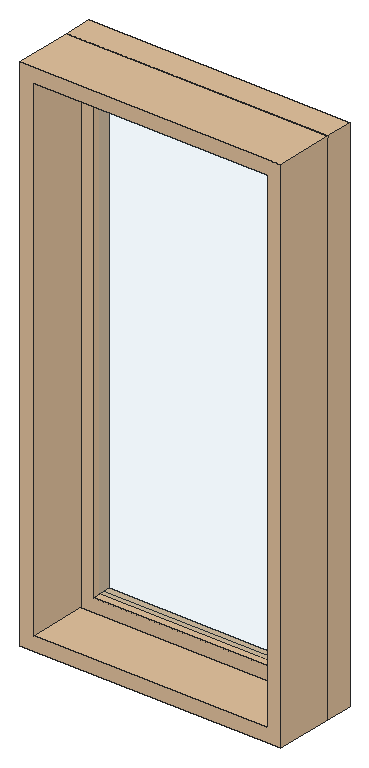
Revit family "Window-T1", category Windows, host Wall, Revit 2020
Family settings
  Host = Wall
  OmniClass Number = 23.30.20.17.11
  OmniClass Title = Fixed Windows
  Always vertical = Yes
  Cut with Voids When Loaded = No
  Shared = No
  Room Calculation Point = No
Parameters (values of type "0610 x 1220mm")
  Visual Light Transmittance = 0.9
  Thermal Resistance (R) = 0.271106 (m²·K)/W
  Solar Heat Gain Coefficient = 0.78
  Define Thermal Properties by = Schematic Type
  Construction Type Id = "GSP4R"
  Heat Transfer Coefficient (U) = 3.6886 W/(m²·K)
  Zewnętrzny materiał ramy = Rama okienna
  Wewnętrzny materiał ramy = Rama okienna
  Materiał szyby = Szkło
  Height = 1220 mm
  Rama okienna = Rama okienna
  Domyślna wysokość parapetu = 915 mm
  Wall Closure = By host
  Width = 610 mm
  Wstawka okna = 19 mm
  Analytic Construction = "Pojedyncze przeszklenie Pilkington 1/8 cala"
Types (10, lengths in mm): name | Height | Domyślna wysokość parapetu | Width
  0406 x 1220mm | 1220 | 915 | 406
  0610 x 0610mm | 610 | 915 | 610
  0610 x 1220mm | 1220 | 915 | 610
  0915 x 0610mm | 610 | 915 | 915
  0915 x 1220mm | 1220 | 915 | 915
  0406 x 1830mm | 1830 | 305 | 406
  0610 x 1830mm | 1830 | 305 | 610
  O03 | 2500 | 305 | 915
  O02 | 1830 | 305 | 915
  O01 | 610 | 915 | 406
Reference planes
  plane 1: y = 0
  plane 2 "Środek": x = 0
  plane 3 "Lewa": x = -305
  plane 4 "Prawa": x = 305
  plane 5 "Parapet": z = 915
  plane 6 "Nadproże": z = 2135
  plane 7: x = -286
  plane 8: x = 286
  plane 9: x = -273
  plane 10: x = 273
  plane 11: z = 2116
  plane 12: z = 2103
  plane 13: z = 947
  plane 14 "Zakończenie": y = 66
Forms (mm)
  Extrusion 1, solid, material "Rama okienna" <- "Wewnętrzny materiał ramy"
    sketch origin (0, 0, 0) x (-1, 0, 0) y (0, 0, 1)
      loop
        line (-305, 2135) -> (-305, 915) -> (305, 915) -> (305, 2135) -> (-305, 2135)
      loop
        line (-273, 2103) -> (-273, 947) -> (273, 947) -> (273, 2103) -> (-273, 2103)
    from -87 to 50
  Extrusion 2, solid, material "Rama okienna" <- "Zewnętrzny materiał ramy"
    sketch origin (0, 0, 0) x (-1, 0, 0) y (0, 0, 1)
      loop
        line (-305, 2135) -> (-305, 915) -> (305, 915) -> (305, 2135) -> (-305, 2135)
      loop
        line (-286, 2116) -> (-286, 934) -> (286, 934) -> (286, 2116) -> (-286, 2116)
    from 50 to 113
  Extrusion 3, solid, material "Rama okienna" <- "Rama okienna"
    sketch origin (0, 0, 0) x (-1, 0, 0) y (0, 0, 1)
      loop
        line (-286, 2116) -> (-286, 934) -> (286, 934) -> (286, 2116) -> (-286, 2116)
      loop
        line (-242, 2072) -> (-242, 978) -> (242, 978) -> (242, 2072) -> (-242, 2072)
    from 50 to 94
  Extrusion 4, solid, material "Szkło" <- "Materiał szyby"
    sketch origin (0, 0, 0) x (-1, 0, 0) y (0, 0, 1)
      loop
        line (-242, 2072) -> (-242, 978) -> (242, 978) -> (242, 2072) -> (-242, 2072)
    from 66 to 78
Lines and regions (mm)
  Opening 1
    outline origin (3500, -87, 0) x (1, 0, 0) y (0, 0, 1)
      loop
        line (-3195, 915) -> (-3195, 2135) -> (-3805, 2135) -> (-3805, 915) -> (-3195, 915)
  symbolic lines, style "WindowsFrameMullionProjection"
    curve 1: line (-305, 113, 0) -> (-286, 113, 0)
    curve 2: line (-305, -87, 0) -> (-273, -87, 0)
    curve 3: line (-286, 94, 0) -> (-242, 94, 0)
    curve 4: line (-286, 50, 0) -> (-242, 50, 0)
    curve 5: line (-286, 113, 0) -> (-286, 50, 0)
    curve 6: line (-242, 94, 0) -> (-242, 50, 0)
    curve 7: line (-273, 50, 0) -> (-273, -87, 0)
    curve 8: line (303.878, 113, 0) -> (286, 113, 0)
    curve 9: line (286, 113, 0) -> (286, 50, 0)
    curve 10: line (286, 94, 0) -> (242, 94, 0)
    curve 11: line (242, 94, 0) -> (242, 50, 0)
    curve 12: line (242, 50, 0) -> (286, 50, 0)
    curve 13: line (305, -87, 0) -> (273, -87, 0)
    curve 14: line (273, 50, 0) -> (273, -87, 0)
  symbolic lines, style "WindowsGlassProjection"
    curve 15: line (-242, 72, 0) -> (242, 72, 0)
Text (mm)
  text "EXTERIOR" at (-1394.263, 836.427, 0), in view "Linia podłogi"
  text "INTERIOR" at (-1394.263, -535.979, 0), in view "Linia podłogi"
  text "Exterior" at (0, 314.263, 3273.967), in view "Prawa"
  text "Exterior" at (0, 999.457, 3063.296), in view "Lewa"
Dimensions and locks
  equal spacing: plane 3 "Lewa", plane 2 "Środek", plane 4 "Prawa"
  "Width": plane 3 "Lewa" to plane 4 "Prawa"
  "Height": plane 5 "Parapet" to plane 6 "Nadproże"
  "Domyślna wysokość parapetu": plane 5 "Parapet" to level
  "Wstawka okna": host wall to Extrusion 3
  locked: Extrusion 3 to Extrusion 3 at 44
  locked: Extrusion 3 to Extrusion 4 at 16
  locked: Extrusion 4 to Extrusion 4 at 12
  locked: Extrusion 1 sketch curve to Extrusion 1 sketch curve at 32  (x2)
  locked: plane 3 "Lewa" to plane 7 at 19
  locked: plane 8 to plane 4 "Prawa" at 19
  locked: plane 10 to plane 4 "Prawa" at 32
  locked: plane 3 "Lewa" to plane 9 at 32
  locked: plane 11 to plane 6 "Nadproże" at 19
  locked: plane 6 "Nadproże" to plane 12 at 32
  locked: plane 13 to plane 5 "Parapet" at 32
  locked: plane 14 "Zakończenie" to host wall at 47
  aligned and locked: host wall to Extrusion 1
  aligned and locked: host wall to Extrusion 2
  aligned and locked: Extrusion 3 sketch curve to Extrusion 2  (x4)
  aligned and locked: Extrusion 3 to Extrusion 1
  aligned and locked: Extrusion 2 to Extrusion 1
  aligned and locked: Extrusion 4 sketch curve to Extrusion 3  (x4)
  aligned and locked: curve 1 to Extrusion 2  (x2)
  aligned and locked: Extrusion 1 to curve 2
  aligned and locked: curve 3 to Extrusion 3
  aligned and locked: curve 4 to Extrusion 2  (x2)
  aligned and locked: curve 5 to Extrusion 2
  aligned and locked: curve 6 to Extrusion 3
  aligned and locked: curve 7 to Extrusion 1
  aligned and locked: Extrusion 2 to curve 9
  aligned and locked: curve 10 to Extrusion 3
  aligned and locked: curve 11 to Extrusion 3
  aligned and locked: Extrusion 3 to curve 12
  aligned and locked: curve 13 to Extrusion 1  (x2)
  aligned and locked: curve 14 to Extrusion 1
  aligned and locked: Extrusion 2 to curve 8
Automatic sketch dimensions
  Extrusion 1 sketch curve to plane 5 "Parapet" = 32 mm
  plane 6 "Nadproże" to Extrusion 1 sketch curve = 32 mm
  plane 4 "Prawa" to Extrusion 2 sketch curve = 19 mm
  Extrusion 2 sketch curve to Extrusion 2 sketch curve = 19 mm
  Extrusion 2 sketch curve to plane 5 "Parapet" = 19 mm
  plane 6 "Nadproże" to Extrusion 2 sketch curve = 19 mm
  Extrusion 3 sketch curve to Extrusion 3 sketch curve = 44 mm
  Extrusion 3 sketch curve to plane 3 "Lewa" = 63 mm
  Extrusion 3 sketch curve to plane 5 "Parapet" = 63 mm
  plane 6 "Nadproże" to Extrusion 3 sketch curve = 63 mm
  Extrusion 1 sketch curve to plane 4 "Prawa" = 0 mm
  Extrusion 1 sketch curve to plane 3 "Lewa" = 0 mm
  Extrusion 1 sketch curve to plane 5 "Parapet" = 0 mm
  Extrusion 1 sketch curve to plane 6 "Nadproże" = 0 mm
  Extrusion 2 sketch curve to plane 4 "Prawa" = 0 mm
  Extrusion 2 sketch curve to plane 3 "Lewa" = 0 mm
  Extrusion 2 sketch curve to plane 5 "Parapet" = 0 mm
  Extrusion 2 sketch curve to plane 6 "Nadproże" = 0 mm
  plane 4 "Prawa" to curve 8 = 1.122 mm
  curve 15 to curve 3 = 22 mm
  curve 2 to host wall = 0 mm
  Opening 1 sketch curve to plane 3 "Lewa" = 0 mm
  Opening 1 sketch curve to plane 4 "Prawa" = 0 mm
  Opening 1 sketch curve to plane 5 "Parapet" = 0 mm
  Opening 1 sketch curve to plane 6 "Nadproże" = 0 mm
